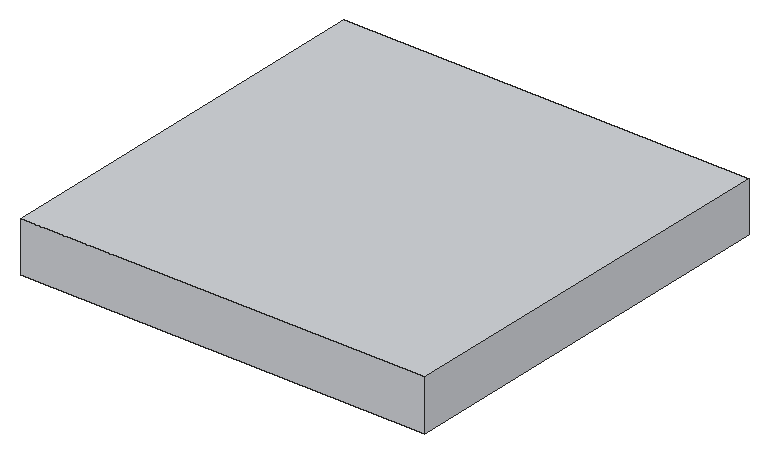
Revit family "05-9885-Z5-CL", category Luminarias, Revit 2017
Family settings
  Anfitrión = Cara
  Cota de conector redondo = Diámetro de uso
  Tipo de pieza = Normal
  Número OmniClass = 23.80.70.00
  Título OmniClass = Lighting
  Corte con vacíos al cargar = No
  Origen de luz = No
  Compartido = Sí
  Punto de cálculo de habitación = No
Parameters (values of type "05-9885-Z5-CL")
  Versión = "v1"
  Vatios (W) = 22.5
  Tipo de regulación = ""
  Tipo = "Empotrable de pared"
  Tender text (English) = "LEDS C4\nMicenas LED Square\n05-9885-Z5-CL\n\nWall recessed for outdoor use. \n\nFor frontal lighting and downlighting. Includes flush-mounting box. Includes 2 cable outlets to facilitate chain mounting. Structure material: Aluminium. Structure finish: Urban grey. Diffuser material: Glass. Diffuser finish: Partly-sandblasted. UV protection. Warranty: 5 Years.\n\nProduct net weight (Kg): 2.120\nProduct width or diameter (mm): 250\nProduct height (mm): 265\nProduct aperture (mm): 91\n\nClass 1. Glow wire test: 850. IP: IP65. IK: IK10. LED. No. of lampholders or LEDs: 18. LED brand: OSRAM. Driver brand: EAGLERISE. Maximum power of light source: 20W. Colour temperature: LED warm-white 3000K. Colour rendering index: 80. MacAdam Steps: 3. Maximum diameter of luminaire bulb: 50.000h L80B20. Photobiological risk: RG1. Real flux (lm): 504. Nominal flux (lm): 1862. Lm/Real W: 22. Voltage and frequency range: 100-240 VAC. Voltage: 6. Gear included: Yes, electronic. Multi-voltage gear included. Total power: 22.5. Power factor: 0.96."
  Tender text (Castellano) = "LEDS C4\nMicenas LED Square\n05-9885-Z5-CL\n\nEmpotrado de pared de uso exterior para iluminar frontalmente y hacia abajo. \n\nIncluye caja de empotrar. Incluye 2 salidas de cable para facilitar la instalación en cadena. Material estructura: Aluminio. Acabado estructura: Gris urbano. Material difusor: Cristal. Acabado difusor: Semi arenado. Protección contra los rayos ultravioleta. Garantía: 5 Años.\n\nPeso neto del producto (Kg): 2.120\nAnchura o diámetro del producto (mm): 250\nAltura del producto (mm): 265\nSalida del producto (mm): 91\n\nClase 1. Prueba hilo incandescente: 850. IP: IP65. IK: IK10. LED. Nº de portalámparas o Leds: 18. Marca del LED: OSRAM. Marca del Driver: EAGLERISE. Potencia máxima de la fuente de luz: 20W. Temperatura de color: Blanco cálido - 3000K. Índice de reproducción cromática: 80. Steps Mac Adam: 3. Diámetro máximo de la bombilla que admite la luminaria: 50.000h L80B20. Riesgo fotobiológico: RG1. Flujo real (lm): 504. Flujo nominal (lm): 1862. Lm/W reales: 22. Rango de voltaje/frecuencia: 100-240 VAC. Voltaje: 6. Equipo incluido: Si, electrónico. Equipo multivoltaje incluido. Potencia total: 22.5. Factor de potencia: 0.96."
  Temperatura color led (K) = "Blanco cálido - 3000K"
  Referencia = "05-9885-Z5-CL"
  Rayo de luz = "Check Photometric file"
  Producto descatalogado = "Catalogado ES"
  Pluma comercial = "http://files.leds-c4.com/pl/05-9885-Z5-CL.html"
  Peso neto (KG) = 2.12
  Material = "Aluminio, Cristal"
  Lumenes reales (lm) = 504
  LDT = "http://files.leds-c4.com/ldt/05-9885-Z5-CL.html"
  Imagen web = "http://files.leds-c4.com/main-photo/05-9885-Z5-CL"
  IfcExportType = "NOTDEFINED"
  IfcExportAs = "IfcLightFixture\r\nIfcLightFixture"
  IP = "IP65"
  IMC = "http://files.leds-c4.com/imc/05-9885-Z5-CL.html"
  IK = "IK10"
  Fuente de luz = "18xLED 20 1862.00 lm"
  Fotometría = "http://files.leds-c4.com/fm/05-9885-Z5-CL.html"
  Ficha = "http://files.leds-c4.com/ft/es/05-9885-Z5-CL.html"
  FechaVersion = "Julio 2020"
  Familia = "Micenas LED Square"
  Fabricante = "LEDS C4"
  Etiqueta V/f = "100-240V/50-60Hz"
  Elevación por defecto = 1000 mm
  Eficiencia energética = "LED A++"
  EAN13 = "8435381454739"
  DescripcionUniformat2010 = "Lighting"
  DescripcionUniclass2015 = "Lighting"
  DescripcionOmniclass = "Lighting"
  DescripcionGubimclass = "Iluminación interior"
  CodigoUniformat2010 = "D5040"
  CodigoUniclass2015 = "EF_70_80"
  CodigoOmniclass = "21-04 50 40"
  CodigoGubimclass = "50.60.50.20"
  Catálogo = "Outdoor"
  Carga aparente = 0 VA
  CRI = 80
  Acabado = "Gris urbano, Semi arenado"
Types (2, lengths in mm): name | Lumenes reales (lm) | CRI
  (no name) | 0 | 0
  05-9885-Z5-CL | 504 | 80
Values of the unnamed type that differ from the named types
  Vatios (W) = 0
  Tipo = ""
  Tender text (English) = ""
  Tender text (Castellano) = ""
  Temperatura color led (K) = ""
  Referencia = ""
  Rayo de luz = ""
  Producto descatalogado = ""
  Pluma comercial = ""
  Peso neto (KG) = 0
  Material = ""
  LDT = ""
  Imagen web = ""
  IP = ""
  IMC = ""
  IK = ""
  Fuente de luz = ""
  Fotometría = ""
  Ficha = ""
  Familia = ""
  Etiqueta V/f = ""
  Eficiencia energética = ""
  EAN13 = ""
  Catálogo = ""
  Acabado = ""
Reference planes
  plane 1 "Centro (Frontal/Posterior)": y = 0
  plane 2: z = 0
  plane 3 "Centro (Izquierda/Derecha)": x = 0
  plane 4 "Elevación de origen de luz": z = 0
  plane 5 "Eje de origen de luz (F/P)": y = 0
  plane 6 "Eje de origen de luz (I/D)": x = 0
Forms (mm)
  Extrusion 1, solid
    sketch origin (0, 0, 0) x (1, 0, 0) y (0, 1, 0)
      loop
        line (-1219.2, 1219.2) -> (-1219.2, -1219.2) -> (1219.2, -1219.2) -> (1219.2, 1219.2) -> (-1219.2, 1219.2)
    from 0 to -304.8
Dimensions and locks
  aligned and locked: plane 2 to Extrusion 1
  aligned and locked: level to Extrusion 1
Nested families
  nested 1: "Luz anidada" at (11.747, 0, 9.962), type "Tipo1"
Connectors
  electrical at (0, 0, 0)
    settings: on Extrusion 1, index 1, voltage 0 V, apparent load 0 VA, apparent load phase1 0 VA, apparent load phase2 0 VA, apparent load phase3 0 VA, power factor 1, load classification "Otro", number of poles 1, system type 31, power factor state 1, is connector primary yes, connector utility no, sub classification motor no, connector description ""
Definition of nested family "Luz anidada"
  Parameters (values of type "Tipo1")
    Tilt Angle = 17.1713°
    Wattage = 22.5 W
    Tipo de regulación = ""
    Tipo = ""
    Tender text = ""
    built-in parameter 1150110 = 1 (stored number, unit not read)
    Pluma comercial = ""
    Material = ""
    Imagen = ""
    IP = ""
    IMC = ""
    IK = ""
    Fotometría = ""
    Ficha = ""
    Familia = ""
    Estado en catálogo = ""
    Peso neto = ""
    Lamp = ""
    built-in parameter 1114217 = 1 (stored number, unit not read)
    built-in parameter 1150109 = 1 (stored number, unit not read)
    Etiqueta vf = ""
    Eficiencia energética = ""
    EAN13 = ""
    built-in parameter 1150134 = (empty or 0)
    built-in parameter 1150113 = 1 (stored number, unit not read)
    Lumens = 2391 lm
    built-in parameter 1150115 = 1 (stored number, unit not read)
    built-in parameter 1150105 = 109.82 (stored number, unit not read)
    built-in parameter 1150137 = (empty or 0)
    built-in parameter 1150139 = (empty or 0)
    built-in parameter 1150112 = 1 (stored number, unit not read)
    built-in parameter 1150114 = 1 (stored number, unit not read)
    built-in parameter 1150132 = (empty or 0)
    built-in parameter 1150102 = (empty or 0)
    built-in parameter 1150138 = (empty or 0)
    built-in parameter 1150107 = 3000 (stored number, unit not read)
    built-in parameter 1150106 = 1.0982 (stored number, unit not read)
    built-in parameter 1150104 = 2.081 (stored number, unit not read)
    Catálogo = ""
    Dimming Lamp Color Temperature Shift = (empty or 0)
    Color Filter = 16777215
    built-in parameter 1114218 = 1 (stored number, unit not read)
    CRI = 0
    Photometric Web File = "05-9885-Z5-CL.ies"
    Acabado = ""
    built-in parameter 1150133 = 10 (stored number, unit not read)
  Reference planes
    plane 1 "Eje de origen de luz (F/P)": y = 0
    plane 2: z = 0
    plane 3 "Eje de origen de luz (I/D)": x = 0
    plane 4 "Elevación de origen de luz": z = 0
  Dimensions and locks
    aligned and locked: plane 3 "Eje de origen de luz (I/D)" to imposter light
    aligned and locked: plane 1 "Eje de origen de luz (F/P)" to imposter light
    aligned and locked: plane 4 "Elevación de origen de luz" to imposter light
    aligned and locked: level to plane 2
